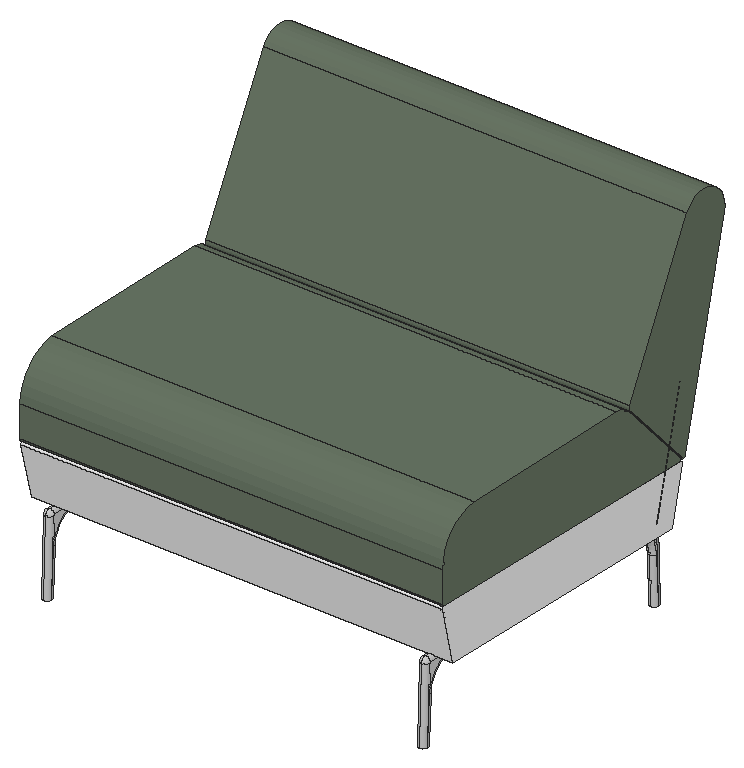
Revit family "FU_Inspec_Addit_9-3", category Furniture, Revit 2020
Family settings
  OmniClass Number = 23.40.20.00
  OmniClass Title = General Furniture and Specialties
  Work Plane-Based = No
  Always vertical = Yes
  Cut with Voids When Loaded = No
  Shared = No
  Room Calculation Point = No
Parameters (values of type "2 Color")
  URL = "https://inspecfurniture.com/product-details/addit-9-3/"
  Seat Material = Fabric - Green
  Model = "addit 9.3"
  Manufacturer = "Inspec"  # constant formula
  Legs Material = Metal - Chrome - Polished
  Keynote = "46.B"
  Frame Material = Fabric - White
  Description = "Modular sofa unit on legs of powder coated or chromium plated cast aluminium. Centre-hand unit with upholstered seat and back and built-in magnetic linking device."
  Default Elevation = 0 mm
  Content Author = "AEC AB"  # constant formula
  Back Material = Fabric - Green
  Assembly Code = "E2020"
Types (2, lengths in mm): name | Frame Material
  1 Colour | Fabric - Green
  2 Color | Fabric - White
Reference planes
  plane 1 "Center (Front/Back)": y = 0
  plane 2: z = 0
  plane 3 "Center (Left/Right)": x = 0
  plane 4: y = 385
  plane 5: y = -385
  plane 6: x = -460
  plane 7: x = 460
  plane 8: x = -458
  plane 9: x = 458
  plane 10: y = -60
  plane 11: y = -60
  plane 12 "Seat Height": z = 479.953
  plane 13: through (0, 266.145, 289.195) normal (0, -0.9703, 0.2419)
Forms (mm)
  Sweep 1, solid, material "Metal - Chrome - Polished" <- "Legs Material"
    path in 3D
      loop
        line (408.796, 243.884, 161.623) -> (408.796, 369.515, 665.501)
        arc (408.796, 369.515, 665.501) -> (394.152, 378.069, 699.806) -> (358.796, 381.612, 714.016) r 50
        line (358.796, 381.612, 714.016) -> (-358.199, 381.612, 714.016)
        arc (-358.199, 381.612, 714.016) -> (-393.554, 378.069, 699.806) -> (-408.199, 369.515, 665.501) r 50
        line (-408.199, 369.515, 665.501) -> (-408.199, 243.973, 161.978)
    profile origin (0.299, 381.612, 714.016) x (0, -0.241922, -0.970296) y (0, -0.970296, 0.241922)
      loop
        circle (0, 0) r 9.5
  Sweep 2, solid, material "Fabric - White" <- "Frame Material"
    path origin (0, -65.781, 0) x (1, 0, 0) y (0, 1, 0)
      loop
        line (-458, 0) -> (458, 0)
    profile origin (0, -65.781, 0) x (0, 1, 0) y (0, 0, 1)
      loop
        arc (330.592, 284.728) -> (329.68, 289.016) -> (325.74, 290.937) r 5
        line (325.74, 290.937) -> (-314.219, 290.937)
        arc (-314.219, 290.937) -> (-318.159, 289.016) -> (-319.07, 284.728) r 5
        line (-319.07, 284.728) -> (-290.699, 170.937) -> (302.221, 170.937) -> (330.592, 284.728)
  Extrusion 3, solid, material "Metal - Chrome - Polished" <- "Legs Material"
    sketch origin (-408.382, -108.358, 0) x (0, -1, 0) y (0, 0, -1)
      loop
        line (-369.669, 0) -> (-364.038, -161.788)
        arc (-364.038, -161.788) -> (-360.991, -168.633) -> (-354.044, -171.44) r 10
        line (-354.044, -171.44) -> (-250.011, -171.44) -> (-250.011, -158.544) -> (-301.346, -151.666)
        arc (-301.346, -151.666) -> (-332.7, -135.275) -> (-346.22, -102.58) r 51.803
        line (-346.22, -102.58) -> (-350.696, 0) -> (-369.669, 0)
    from -9.172 to 9.116
  Sweep 4, void
    path origin (-399.266, -108.358, 0) x (0, -1, 0) y (0, 0, -1)
      loop
        line (-250.011, -171.44) -> (-354.044, -171.44)
        arc (-354.044, -171.44) -> (-360.991, -168.633) -> (-364.038, -161.788) r 10
        line (-364.038, -161.788) -> (-369.669, 0)
    profile origin (-399.266, 258.496, 80.894) x (0, 0.999395, 0.034788) y (1, 0, 0)
      loop
        line (0, 0) -> (-9, 0)
        arc (-9, 0) -> (-2.636, -2.636) -> (0, -9) r 9
        line (0, -9) -> (0, 0)
  Sweep 5, void
    path origin (-417.554, -108.358, 0) x (0, -1, 0) y (0, 0, -1)
      loop
        line (-250.011, -171.44) -> (-354.044, -171.44)
        arc (-354.044, -171.44) -> (-360.991, -168.633) -> (-364.038, -161.788) r 10
        line (-364.038, -161.788) -> (-369.669, 0)
    profile origin (-417.554, 193.67, 171.44) x (0, 0, 1) y (1, 0, 0)
      loop
        line (0, 0) -> (0, 9)
        arc (0, 9) -> (-2.636, 2.636) -> (-9, 0) r 9
        line (-9, 0) -> (0, 0)
  Sweep 6, void
    path origin (-399.266, -108.358, 0) x (0, -1, 0) y (0, 0, -1)
      loop
        line (-241.878, -159.634) -> (-301.346, -151.666)
        arc (-301.346, -151.666) -> (-332.7, -135.275) -> (-346.22, -102.58) r 51.803
        line (-346.22, -102.58) -> (-350.797, 2.32)
    profile origin (-399.266, 163.254, 155.65) x (0, 0.132807, 0.991142) y (1, 0, 0)
      loop
        line (0, 0) -> (0, -9)
        arc (0, -9) -> (2.636, -2.636) -> (9, 0) r 9
        line (9, 0) -> (0, 0)
  Sweep 7, void
    path origin (-417.554, -108.358, 0) x (0, -1, 0) y (0, 0, -1)
      loop
        line (-350.797, 2.32) -> (-346.22, -102.58)
        arc (-346.22, -102.58) -> (-332.7, -135.275) -> (-301.346, -151.666) r 51.803
        line (-301.346, -151.666) -> (-246.833, -158.97)
    profile origin (-417.554, 165.732, 155.318) x (0, -0.132807, -0.991142) y (1, 0, 0)
      loop
        line (0, 0) -> (0, 9)
        arc (0, 9) -> (-2.636, 2.636) -> (-9, 0) r 9
        line (-9, 0) -> (0, 0)
  Extrusion 8, solid, material "Metal - Chrome - Polished" <- "Legs Material"
    sketch origin (-408.382, -15.331, 0) x (0, 1, 0) y (0, 0, 1)
      loop
        line (-369.669, 0) -> (-350.696, 0) -> (-346.22, 102.58)
        arc (-346.22, 102.58) -> (-332.7, 135.275) -> (-301.346, 151.666) r 51.803
        line (-301.346, 151.666) -> (-250.011, 158.544) -> (-250.011, 171.44) -> (-354.044, 171.44)
        arc (-354.044, 171.44) -> (-360.991, 168.633) -> (-364.038, 161.788) r 10
        line (-364.038, 161.788) -> (-369.669, 0)
    from -9.172 to 9.116
  Sweep 9, void
    path origin (-399.266, -15.331, 0) x (0, 1, 0) y (0, 0, 1)
      loop
        line (-250.011, 171.44) -> (-354.044, 171.44)
        arc (-354.044, 171.44) -> (-360.991, 168.633) -> (-364.038, 161.788) r 10
        line (-364.038, 161.788) -> (-369.669, 0)
    profile origin (-399.266, -382.184, 80.894) x (0, 0.999395, -0.034788) y (1, 0, 0)
      loop
        line (0, 0) -> (0, -9)
        arc (0, -9) -> (2.636, -2.636) -> (9, 0) r 9
        line (9, 0) -> (0, 0)
  Sweep 10, void
    path origin (-417.554, -15.331, 0) x (0, 1, 0) y (0, 0, 1)
      loop
        line (-250.011, 171.44) -> (-354.044, 171.44)
        arc (-354.044, 171.44) -> (-360.991, 168.633) -> (-364.038, 161.788) r 10
        line (-364.038, 161.788) -> (-369.669, 0)
    profile origin (-417.554, -317.358, 171.44) x (0, 0, -1) y (1, 0, 0)
      loop
        line (0, 0) -> (9, 0)
        arc (9, 0) -> (2.636, 2.636) -> (0, 9) r 9
        line (0, 9) -> (0, 0)
  Sweep 11, void
    path origin (-399.266, -15.331, 0) x (0, 1, 0) y (0, 0, 1)
      loop
        line (-241.878, 159.634) -> (-301.346, 151.666)
        arc (-301.346, 151.666) -> (-332.7, 135.275) -> (-346.22, 102.58) r 51.803
        line (-346.22, 102.58) -> (-350.797, -2.32)
    profile origin (-399.266, -286.942, 155.65) x (0, 0.132807, -0.991142) y (1, 0, 0)
      loop
        line (0, 0) -> (-9, 0)
        arc (-9, 0) -> (-2.636, -2.636) -> (0, -9) r 9
        line (0, -9) -> (0, 0)
  Sweep 12, void
    path origin (-417.554, -15.331, 0) x (0, 1, 0) y (0, 0, 1)
      loop
        line (-350.797, -2.32) -> (-346.22, 102.58)
        arc (-346.22, 102.58) -> (-332.7, 135.275) -> (-301.346, 151.666) r 51.803
        line (-301.346, 151.666) -> (-246.833, 158.97)
    profile origin (-417.554, -289.42, 155.318) x (0, -0.132807, 0.991142) y (1, 0, 0)
      loop
        line (0, 0) -> (9, 0)
        arc (9, 0) -> (2.636, 2.636) -> (0, 9) r 9
        line (0, 9) -> (0, 0)
  Extrusion 13, solid, material "Metal - Chrome - Polished" <- "Legs Material"
    sketch origin (408.382, -108.358, 0) x (0, -1, 0) y (0, 0, 1)
      loop
        line (-369.669, 0) -> (-350.696, 0) -> (-346.22, 102.58)
        arc (-346.22, 102.58) -> (-332.7, 135.275) -> (-301.346, 151.666) r 51.803
        line (-301.346, 151.666) -> (-250.011, 158.544) -> (-250.011, 171.44) -> (-354.044, 171.44)
        arc (-354.044, 171.44) -> (-360.991, 168.633) -> (-364.038, 161.788) r 10
        line (-364.038, 161.788) -> (-369.669, 0)
    from -9.172 to 9.116
  Sweep 14, void
    path origin (399.266, -108.358, 0) x (0, -1, 0) y (0, 0, 1)
      loop
        line (-250.011, 171.44) -> (-354.044, 171.44)
        arc (-354.044, 171.44) -> (-360.991, 168.633) -> (-364.038, 161.788) r 10
        line (-364.038, 161.788) -> (-369.669, 0)
    profile origin (399.266, 258.496, 80.894) x (0, -0.999395, -0.034788) y (-1, 0, 0)
      loop
        line (0, 0) -> (0, -9)
        arc (0, -9) -> (2.636, -2.636) -> (9, 0) r 9
        line (9, 0) -> (0, 0)
  Sweep 15, void
    path origin (417.554, -108.358, 0) x (0, -1, 0) y (0, 0, 1)
      loop
        line (-250.011, 171.44) -> (-354.044, 171.44)
        arc (-354.044, 171.44) -> (-360.991, 168.633) -> (-364.038, 161.788) r 10
        line (-364.038, 161.788) -> (-369.669, 0)
    profile origin (417.554, 193.67, 171.44) x (0, 0, -1) y (-1, 0, 0)
      loop
        line (0, 0) -> (9, 0)
        arc (9, 0) -> (2.636, 2.636) -> (0, 9) r 9
        line (0, 9) -> (0, 0)
  Sweep 16, void
    path origin (399.266, -108.358, 0) x (0, -1, 0) y (0, 0, 1)
      loop
        line (-241.878, 159.634) -> (-301.346, 151.666)
        arc (-301.346, 151.666) -> (-332.7, 135.275) -> (-346.22, 102.58) r 51.803
        line (-346.22, 102.58) -> (-350.797, -2.32)
    profile origin (399.266, 163.254, 155.65) x (0, -0.132807, -0.991142) y (-1, 0, 0)
      loop
        line (0, 0) -> (-9, 0)
        arc (-9, 0) -> (-2.636, -2.636) -> (0, -9) r 9
        line (0, -9) -> (0, 0)
  Sweep 17, void
    path origin (417.554, -108.358, 0) x (0, -1, 0) y (0, 0, 1)
      loop
        line (-350.797, -2.32) -> (-346.22, 102.58)
        arc (-346.22, 102.58) -> (-332.7, 135.275) -> (-301.346, 151.666) r 51.803
        line (-301.346, 151.666) -> (-246.833, 158.97)
    profile origin (417.554, 165.732, 155.318) x (0, 0.132807, 0.991142) y (-1, 0, 0)
      loop
        line (0, 0) -> (9, 0)
        arc (9, 0) -> (2.636, 2.636) -> (0, 9) r 9
        line (0, 9) -> (0, 0)
  Extrusion 18, solid, material "Metal - Chrome - Polished" <- "Legs Material"
    sketch origin (408.382, -15.331, 0) x (0, 1, 0) y (0, 0, -1)
      loop
        line (-369.669, 0) -> (-364.038, -161.788)
        arc (-364.038, -161.788) -> (-360.991, -168.633) -> (-354.044, -171.44) r 10
        line (-354.044, -171.44) -> (-250.011, -171.44) -> (-250.011, -158.544) -> (-301.346, -151.666)
        arc (-301.346, -151.666) -> (-332.7, -135.275) -> (-346.22, -102.58) r 51.803
        line (-346.22, -102.58) -> (-350.696, 0) -> (-369.669, 0)
    from -9.172 to 9.116
  Sweep 19, void
    path origin (399.266, -15.331, 0) x (0, 1, 0) y (0, 0, -1)
      loop
        line (-250.011, -171.44) -> (-354.044, -171.44)
        arc (-354.044, -171.44) -> (-360.991, -168.633) -> (-364.038, -161.788) r 10
        line (-364.038, -161.788) -> (-369.669, 0)
    profile origin (399.266, -382.184, 80.894) x (0, -0.999395, 0.034788) y (-1, 0, 0)
      loop
        line (0, 0) -> (-9, 0)
        arc (-9, 0) -> (-2.636, -2.636) -> (0, -9) r 9
        line (0, -9) -> (0, 0)
  Sweep 20, void
    path origin (417.554, -15.331, 0) x (0, 1, 0) y (0, 0, -1)
      loop
        line (-250.011, -171.44) -> (-354.044, -171.44)
        arc (-354.044, -171.44) -> (-360.991, -168.633) -> (-364.038, -161.788) r 10
        line (-364.038, -161.788) -> (-369.669, 0)
    profile origin (417.554, -317.358, 171.44) x (0, 0, 1) y (-1, 0, 0)
      loop
        line (0, 0) -> (0, 9)
        arc (0, 9) -> (-2.636, 2.636) -> (-9, 0) r 9
        line (-9, 0) -> (0, 0)
  Sweep 21, void
    path origin (399.266, -15.331, 0) x (0, 1, 0) y (0, 0, -1)
      loop
        line (-241.878, -159.634) -> (-301.346, -151.666)
        arc (-301.346, -151.666) -> (-332.7, -135.275) -> (-346.22, -102.58) r 51.803
        line (-346.22, -102.58) -> (-350.797, 2.32)
    profile origin (399.266, -286.942, 155.65) x (0, -0.132807, 0.991142) y (-1, 0, 0)
      loop
        line (0, 0) -> (0, -9)
        arc (0, -9) -> (2.636, -2.636) -> (9, 0) r 9
        line (9, 0) -> (0, 0)
  Sweep 22, void
    path origin (417.554, -15.331, 0) x (0, 1, 0) y (0, 0, -1)
      loop
        line (-350.797, 2.32) -> (-346.22, -102.58)
        arc (-346.22, -102.58) -> (-332.7, -135.275) -> (-301.346, -151.666) r 51.803
        line (-301.346, -151.666) -> (-246.833, -158.97)
    profile origin (417.554, -289.42, 155.318) x (0, 0.132807, -0.991142) y (-1, 0, 0)
      loop
        line (0, 0) -> (0, 9)
        arc (0, 9) -> (-2.636, 2.636) -> (-9, 0) r 9
        line (-9, 0) -> (0, 0)
  Extrusion 23, solid, material "Fabric - White" <- "Frame Material"
    sketch origin (0, 178.805, -60.232) x (0, 0.241922, 0.970296) y (-1, 0, 0)
      loop
        line (361.875, -356.39) -> (641.876, -356.39)
        arc (641.876, -356.39) -> (677.231, -341.746) -> (691.876, -306.39) r 50
        line (691.876, -306.39) -> (691.876, 306.39)
        arc (691.876, 306.39) -> (677.231, 341.746) -> (641.876, 356.39) r 50
        line (641.876, 356.39) -> (361.875, 356.39) -> (361.875, -356.39)
    from -5.975 to -0.733
  Sweep 24, solid, material "Fabric - Green" <- "Seat Material"
    path origin (0, 0, 0) x (1, 0, 0) y (0, 1, 0)
      loop
        line (458, -60) -> (-460, -60)
    profile origin (-1, -60, 0) x (0, -1, 0) y (0, 0, 1)
      loop
        arc (325, 363.203) -> (299.911, 427.526) -> (237.896, 457.875) r 95
        arc (237.896, 457.875) -> (45.056, 467.423) -> (-147.99, 463.95) r 2862.294
        arc (-147.99, 463.95) -> (-166.675, 459.266) -> (-182.204, 447.866) r 50
        line (-182.204, 447.866) -> (-317.3, 300.999)
        arc (-317.3, 300.999) -> (-318.379, 294.526) -> (-312.884, 290.937) r 6
        line (-312.884, 290.937) -> (320, 290.937)
        arc (320, 290.937) -> (323.536, 292.402) -> (325, 295.937) r 5
        line (325, 295.937) -> (325, 363.203)
  Sweep 25, solid, material "Fabric - Green" <- "Back Material"
    path origin (0, -62.019, 0) x (1, 0, 0) y (0, 1, 0)
      loop
        line (-460, 0) -> (460, 0)
    profile origin (0, -62.019, 0) x (0, 1, 0) y (0, 0, 1)
      loop
        arc (437.714, 726.421) -> (405.853, 790.348) -> (337.722, 768.9) r 55
        arc (337.722, 768.9) -> (252.912, 618.61) -> (182.06, 461.257) r 1903.709
        arc (182.06, 461.257) -> (181.389, 454.381) -> (184.476, 448.2) r 12.485
        line (184.476, 448.2) -> (322.85, 297.77)
        arc (322.85, 297.77) -> (327.765, 296.31) -> (331.381, 299.946) r 5
        line (331.381, 299.946) -> (437.714, 726.421)
Cuts and joins
  Sweep 9, Sweep 10, Sweep 11, Sweep 12 cuts Extrusion 8
  Sweep 4, Sweep 5, Sweep 6, Sweep 7 cuts Extrusion 3
  Sweep 19, Sweep 20, Sweep 21, Sweep 22 cuts Extrusion 18
  Sweep 14, Sweep 15, Sweep 16, Sweep 17 cuts Extrusion 13
Lines and regions (mm)
  Masking region 1
    outline origin (0, 0, 479.953) x (0, 1, 0) y (-1, 0, 0)
      loop
        spline (385, 360) -> (384.286, 370.856) -> (383.458, 379.237) -> (382.557, 385.677) -> (381.626, 390.708) -> (380.706, 394.861) -> (379.795, 398.52) -> (378.816, 401.814) -> (377.684, 404.848) -> (376.324, 407.709) -> (374.717, 410.355) -> (372.85, 412.697) -> (370, 415.133)
        line (370, 415.133) -> (370, 460) -> (-385, 460) -> (-385, -460) -> (370, -460) -> (370, -415.133)
        spline (370, -415.133) -> (372.85, -412.697) -> (374.717, -410.355) -> (376.324, -407.709) -> (377.684, -404.848) -> (378.816, -401.814) -> (379.795, -398.52) -> (380.706, -394.861) -> (381.626, -390.708) -> (382.557, -385.677) -> (383.458, -379.237) -> (384.286, -370.856) -> (385, -360)
        line (385, -360) -> (385, 360)
  sketch lines
    curve 1: line (358.796, 381.612, 714.016) -> (-358.199, 381.612, 714.016)
    curve 2: arc (358.796, 381.612, 714.016) -> (394.152, 378.069, 699.806) -> (408.796, 369.515, 665.501) r 50
    curve 3: line (408.796, 243.884, 161.623) -> (408.796, 369.515, 665.501)
    curve 4: arc (-358.199, 381.612, 714.016) -> (-393.554, 378.069, 699.806) -> (-408.199, 369.515, 665.501) r 50
    curve 5: line (-408.199, 369.515, 665.501) -> (-408.199, 243.973, 161.978)
  symbolic lines
    curve 6: line (-460, 370, 0) -> (460, 370, 0)
    curve 7: line (460, 113, 0) -> (-460, 113, 0)
Dimensions and locks
  plane 6 to plane 7 = 920 mm
  plane 4 to plane 5 = 770 mm  (x2)
  curve 7 to plane 11 = 173 mm
  plane 11 to curve 6 = 430 mm
  aligned and locked: level to plane 2
